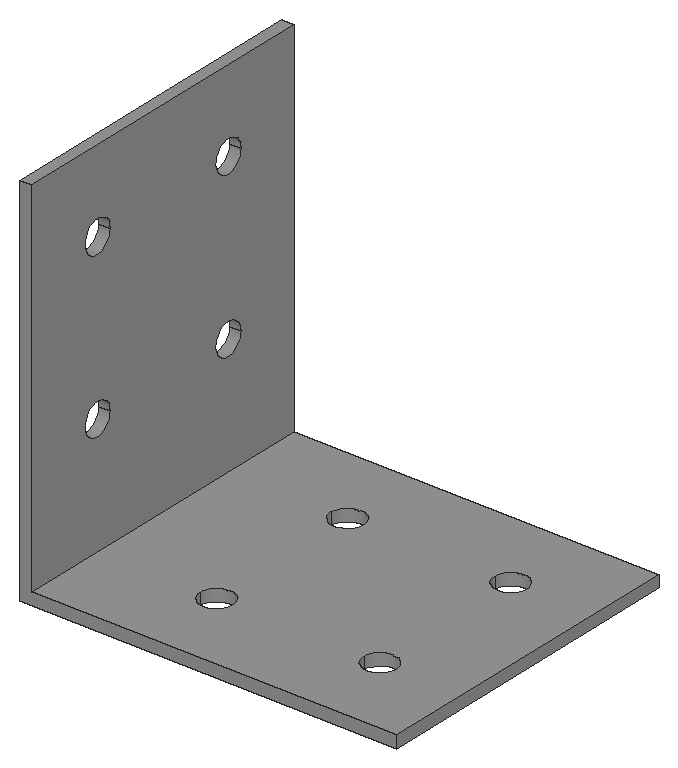
Revit family "060523 - W_P_C - Fastenings - Simpson - HLGPC Heavy Angles and Gussets NO BOLTS", category Structural Connections, Revit 2019
Family settings
  Material for Model Behavior = Other
  Work Plane-Based = Yes
  Enable cutting in views = Yes
  Always vertical = No
  Cut with Voids When Loaded = No
  Shared = No
Parameters (values of type "SIMPSON -HL55 - 5 X 5.75 - .5" BOLT - HDG")
  L = 0' - 5"
  URL = "https://www.strongtie.com/classiccollection_architecturalproductsgroup/hlpc-hlgpc_productgroup_wcc/p/hlpc.hlgpc"
  Hole Radius = 0' - 0 1/4"
  D4 = 0' - 2 1/2"
  D2 = 0' - 2 1/2"
  D1 = 0' - 1 1/4"
  D3 = 0' - 2"
  Ga. = 0' - 0 23/128"
  W1 & W2 = 0' - 5 3/4"
  Default Elevation = 4' - 0"
  Bolt Visibility - 3B = no
  Bolt Visibility - 3A = no
  Bolt Visibility - 2B = yes
  Bolt Visibility - 2A = yes
  Bolt Visibility - 1B = yes
  Bolt Visibility - 1A = yes
  Bolt Visibility = yes
  Bolt Size = Lag Bolt : 1/2" x 1 1/2"
Types (5): name | L | Hole Radius | D4 | D2 | D1 | D3 | Ga. | W1 & W2 | Bolt Visibility - 3A | Bolt Visibility - 2B | Bolt Visibility - 2A | Bolt Visibility - 1B | Bolt Size
  SIMPSON -HL73 - 3 X 7.25 - .75 Bolt - HDG | 0' - 3" | 0' - 0 3/8" | 0' - 3" | 0' - 5" | 0' - 1 1/2" | 0' - 2 3/4" | 0' - 0 61/256" | 0' - 7 1/4" | no | no | no | yes | Lag Bolt : 3/4" x 4"
  SIMPSON - HL43 - 3 X 4.25 - .75 Bolt - HDG | 0' - 3" | 0' - 0 3/8" | 0' - 5" | 0' - 5" | 0' - 1 1/2" | 0' - 2 3/4" | 0' - 0 61/256" | 0' - 4 1/4" | no | no | no | no | Lag Bolt : 3/4" x 4"
  SIMPSON -HL46 - 6 X 4.25 - .75 Bolt - HDG | 0' - 6" | 0' - 0 3/8" | 0' - 5" | 0' - 3" | 0' - 1 1/2" | 0' - 2 3/4" | 0' - 0 61/256" | 0' - 4 1/4" | no | no | yes | no | Lag Bolt : 3/4" x 4"
  SIMPSON -HL49 - 9 X 4.25 - .75 Bolt - HDG | 0' - 9" | 0' - 0 3/8" | 0' - 5" | 0' - 3" | 0' - 1 1/2" | 0' - 2 3/4" | 0' - 0 61/256" | 0' - 4 1/4" | yes | no | yes | no | Lag Bolt : 3/4" x 4"
  SIMPSON -HL55 - 5 X 5.75 - .5" BOLT - HDG | 0' - 5" | 0' - 0 1/4" | 0' - 2 1/2" | 0' - 2 1/2" | 0' - 1 1/4" | 0' - 2" | 0' - 0 23/128" | 0' - 5 3/4" | no | yes | yes | yes | Lag Bolt : 1/2" x 1 1/2"
Reference planes (in)
  plane 1 "Center (Front/Back)": y = 0
  plane 2: z = 0
  plane 3 "Center (Left/Right)": x = 0
  plane 4: y = 2.5
  plane 5: y = -2.5
  plane 6: x = 5.75
  plane 7: z = 5.75
  plane 8: z = 0.17969
  plane 9: x = 0.17969
  plane 10: y = -1.25
  plane 11: y = 1.25
  plane 12: x = 2
  plane 13: x = 4.5
  plane 14: y = 3.75
  plane 15: z = 2
  plane 16: z = 4.5
Forms (in)
  Extrusion 1, solid, material "SIMPSON -HL55 - 5 X 5.75 - .5" BOLT - HDG"
    sketch origin (0, 0, 0) x (1, 0, 0) y (0, 1, 0)
      loop
        line (0, 2.5) -> (0, -2.5) -> (5.75, -2.5) -> (5.75, 2.5) -> (0, 2.5)
    from 0 to 0.17969
  Extrusion 2, solid, material "SIMPSON -HL55 - 5 X 5.75 - .5" BOLT - HDG"
    sketch origin (0, 0, 0) x (0, 1, 0) y (0, 0, 1)
      loop
        line (-2.5, 5.75) -> (-2.5, 0.17969) -> (2.5, 0.17969) -> (2.5, 5.75) -> (-2.5, 5.75)
    from 0 to 0.17969
  Extrusion 3, void
    sketch origin (0, 0, 0) x (1, 0, 0) y (0, 1, 0)
      loop
        circle (2, -1.25) r 0.25
    from 0 to 0.17969
  Extrusion 4, void
    sketch origin (1.11176, 0, 0) x (1, 0, 0) y (0, 1, 0)
      loop
        circle (3.38824, -1.25) r 0.25
    from 0 to 0.23828
  Extrusion 5, void
    sketch origin (0, 0.75, 0) x (1, 0, 0) y (0, 1, 0)
      loop
        circle (2, 0.5) r 0.25
    from 0 to 0.23828
  Extrusion 6, void
    sketch origin (1.11176, 0.75, 0) x (1, 0, 0) y (0, 1, 0)
      loop
        circle (3.38824, 0.5) r 0.25
    from 0 to 0.23828
  Extrusion 7, void
    sketch origin (0, 0, 0) x (0, 1, 0) y (0, 0, 1)
      loop
        circle (-1.25, 2) r 0.25
    from 0 to 0.17969
  Extrusion 8, void
    sketch origin (0, 1.18438, 0) x (0, 1, 0) y (0, 0, 1)
      loop
        circle (0.06562, 2) r 0.25
    from 0 to 0.23828
  Extrusion 9, void
    sketch origin (0, 1.14025, 0.75) x (0, 1, 0) y (0, 0, 1)
      loop
        circle (0.10975, 3.75) r 0.25
    from 0 to 0.23828
  Extrusion 10, void
    sketch origin (0, -0.30161, 0.75) x (0, 1, 0) y (0, 0, 1)
      loop
        circle (-0.94839, 3.75) r 0.25
    from 0 to 0.23828
Cuts and joins
  Extrusion 3, Extrusion 4, Extrusion 5, Extrusion 6, Extrusion 7, Extrusion 8, Extrusion 9, Extrusion 10 cuts Extrusion 1
  Extrusion 3, Extrusion 4, Extrusion 5, Extrusion 6, Extrusion 7, Extrusion 8, Extrusion 9, Extrusion 10 cuts Extrusion 2
  joined: Extrusion 1, Extrusion 2
Dimensions and locks (in)
  equal spacing: plane 4, plane 1 "Center (Front/Back)", plane 5
  "W1 & W2": plane 3 "Center (Left/Right)" to plane 6
  "L": plane 4 to plane 5
  "W1 & W2": plane 7 to level
  "Ga.": plane 8 to level
  "Ga.": plane 9 to plane 3 "Center (Left/Right)"
  "D1": plane 10 to plane 5
  "D3": plane 3 "Center (Left/Right)" to plane 12
  "D4": plane 12 to plane 13
  "D2": plane 11 to plane 10
  "D2": plane 14 to plane 11
  "D3": plane 15 to level
  "D4": plane 16 to plane 15
  "Hole Radius": radius of Extrusion 3 sketch curve
  "Hole Radius": radius of Extrusion 4 sketch curve
  "Hole Radius": radius of Extrusion 5 sketch curve
  "Hole Radius": radius of Extrusion 6 sketch curve
  "Hole Radius": radius of Extrusion 7 sketch curve
  "Hole Radius": radius of Extrusion 8 sketch curve
  "Hole Radius": radius of Extrusion 9 sketch curve
  "Hole Radius": radius of Extrusion 10 sketch curve
  aligned and locked: plane 2 to level
  aligned and locked: plane 5 to Extrusion 1 sketch curve
  aligned and locked: Extrusion 1 sketch curve to plane 4
  aligned and locked: plane 3 "Center (Left/Right)" to Extrusion 1 sketch curve
  aligned and locked: Extrusion 1 sketch curve to plane 6
  aligned and locked: Extrusion 2 sketch curve to plane 4
  aligned and locked: Extrusion 2 sketch curve to plane 7
  aligned and locked: plane 5 to Extrusion 2 sketch curve
  aligned and locked: plane 9 to Extrusion 2
  aligned and locked: plane 8 to Extrusion 2 sketch curve
  aligned and locked: plane 8 to Extrusion 1
  aligned and locked: Extrusion 1 to Extrusion 3
  aligned and locked: plane 12 to Extrusion 3 sketch curve
  aligned and locked: plane 10 to Extrusion 3 sketch curve
  aligned and locked: plane 13 to Extrusion 4 sketch curve
  aligned and locked: plane 10 to Extrusion 4 sketch curve
  aligned and locked: plane 11 to Extrusion 5 sketch curve
  aligned and locked: plane 12 to Extrusion 5 sketch curve
  aligned and locked: plane 11 to Extrusion 6 sketch curve
  aligned and locked: plane 13 to Extrusion 6 sketch curve
  aligned and locked: Extrusion 2 to Extrusion 7
  aligned and locked: plane 10 to Extrusion 7 sketch curve
  aligned and locked: plane 15 to Extrusion 7 sketch curve
  aligned and locked: plane 11 to Extrusion 8 sketch curve
  aligned and locked: plane 15 to Extrusion 8 sketch curve
  aligned and locked: plane 10 to Extrusion 10 sketch curve
  aligned and locked: plane 16 to Extrusion 10 sketch curve
  aligned and locked: plane 11 to Extrusion 9 sketch curve
  aligned and locked: plane 16 to Extrusion 9 sketch curve
